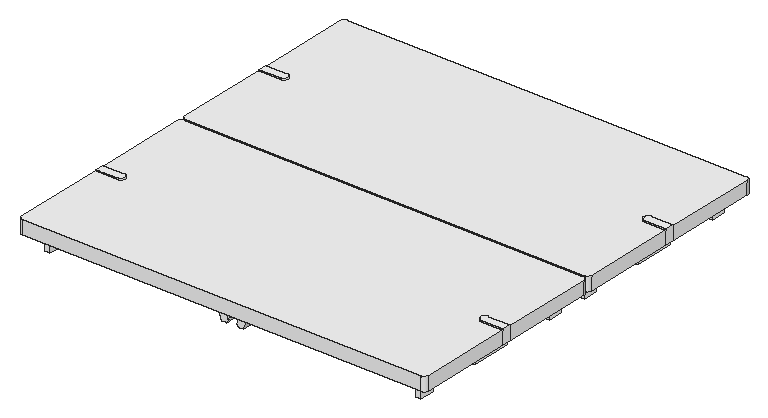
Revit family "Gira_5032219", category Electrical Fixtures, host Face, Revit 2017
Family settings
  Host = Face
  Maintain Annotation Orientation = No
  Round Connector Dimension = Use Diameter
  Part Type = Normal
  Cut with Voids When Loaded = No
  Shared = No
  Room Calculation Point = No
Parameters (values of type "rocker set 2-g inscr. PB sens.4 TS4 stainl.steel")
  URL = "https://www.gira.de/"
  Type Comments = ""
  Transparent = no
  Radio frequent bidirectional = no
  Model = ""
  Material quality = "Stainless steel"
  Material = "Metal"
  Manufacturer = "Gira"
  Keynote = ""
  HeinzeBIM = "https://www.heinze.de/bim/rocker-set-2-g-inscr-pb-sens-4-ts4-stainl-steel/1a05b85d3f3910ac22999a805da374a53793c4d7"
  HAN = "5032219"
  GTIN = "4010337072591"
  Description = ""
  Default Elevation = 1219.2 mm
  Cost = 0
  Colour = "Stainless steel"
  BIMSITE_PRODUCT_ID = "1a05b85d3f3910ac22999a805da374a53793c4d7"
  BIM = "https://media.live.bim.site/t/eyJhbGciOiJIUzI1NiIsInR5cCI6IkpXVCJ9.eyJjdCI6MSwidGYiOiJwdWJsaWMvZ2lyYS8wOWY1ZGI1LzQwXzUwMjEwMCBUUzQgV2lwcGVuc2V0IDJmYWNoLnJmYSIsImNpZCI6ImZlZDk4ZTlhLTFiZDgtNGM2OC1hNzNiLTc0YTk0ZTMxNTgyMyIsInJpZCI6ImMwMGY0M2ZjN2Q3OThiNmQ2NWJlMjZiMTVhMDQyZGYzIiwicGlkIjoiMWEwNWI4NWQzZjM5MTBhYzIyOTk5YTgwNWRhMzc0YTUzNzkzYzRkNyIsInNpZCI6IjYzNDcwIiwidXQiOjUsImxjIjoiZW4iLCJpYXQiOjE2MDc0NDA2NDUsImlzcyI6Imh0dHBzOi8vYXBpLmxpdmUuYmltLnNpdGUiLCJzdWIiOiI4ZDNhYTVjYi1lMDY2LTQ1OTgtYmUxNi02ZTE2ZWU3NDk1NmEifQ.P5AgGZNaGhN2R-Jer3x1XRC69jz-6zd7clTDxYNgroo/40_502100 TS4 Wippenset 2fach.rfa"
  Assembly Code = ""
Reference planes
  plane 1 "Center (Front/Back)": y = 0
  plane 2: z = 0
  plane 3 "Center (Left/Right)": x = 0
Dimensions and locks
  aligned and locked: plane 2 to host face
  aligned and locked: level to host face
Nested families
  nested 1: "40_502100 TS4 Wippenset 2fach" at (0, 0, 0), type "40_502100 TS4 Wippenset 2fach"
Definition of nested family "40_502100 TS4 Wippenset 2fach"
  Parameters
    White = none
  Reference planes
    plane 1 "Center (Front/Back)": y = 0
    plane 2: z = 0
    plane 3 "Center (Left/Right)": x = 0
  Forms (mm)
    Extrusion 1, solid, material <- "White", detail levels fine
      sketch origin (0, 0, 0) x (1, 0, 0) y (0, 1, 0)
        loop
          arc (-46.5, 47.5) -> (-47.207, 47.207) -> (-47.5, 46.5) r 1
          line (-47.5, 46.5) -> (-47.5, 24.8) -> (-42.5, 24.8)
          arc (-42.5, 24.8) -> (-41.5, 23.8) -> (-42.5, 22.8) r 1
          line (-42.5, 22.8) -> (-47.5, 22.8) -> (-47.5, 1.15)
          arc (-47.5, 1.15) -> (-47.207, 0.443) -> (-46.5, 0.15) r 1
          line (-46.5, 0.15) -> (46.5, 0.15)
          arc (46.5, 0.15) -> (47.207, 0.443) -> (47.5, 1.15) r 1
          line (47.5, 1.15) -> (47.5, 22.8) -> (42.5, 22.8)
          arc (42.5, 22.8) -> (41.5, 23.8) -> (42.5, 24.8) r 1
          line (42.5, 24.8) -> (47.5, 24.8) -> (47.5, 46.5)
          arc (47.5, 46.5) -> (47.207, 47.207) -> (46.5, 47.5) r 1
          line (46.5, 47.5) -> (-46.5, 47.5)
        loop
          arc (46.5, -47.5) -> (47.207, -47.207) -> (47.5, -46.5) r 1
          line (47.5, -46.5) -> (47.5, -24.8) -> (42.5, -24.8)
          arc (42.5, -24.8) -> (41.5, -23.8) -> (42.5, -22.8) r 1
          line (42.5, -22.8) -> (47.5, -22.8) -> (47.5, -1.15)
          arc (47.5, -1.15) -> (47.207, -0.443) -> (46.5, -0.15) r 1
          line (46.5, -0.15) -> (-46.5, -0.15)
          arc (-46.5, -0.15) -> (-47.207, -0.443) -> (-47.5, -1.15) r 1
          line (-47.5, -1.15) -> (-47.5, -22.8) -> (-42.5, -22.8)
          arc (-42.5, -22.8) -> (-41.5, -23.8) -> (-42.5, -24.8) r 1
          line (-42.5, -24.8) -> (-47.5, -24.8) -> (-47.5, -46.5)
          arc (-47.5, -46.5) -> (-47.207, -47.207) -> (-46.5, -47.5) r 1
          line (-46.5, -47.5) -> (46.5, -47.5)
      from 0 to 3.1
    Extrusion 2, solid, material <- "White", detail levels fine
      sketch origin (0, 0, 0) x (1, 0, 0) y (0, 1, 0)
        loop
          line (43.976, 44.188) -> (-43.976, 44.188) -> (-43.976, 0.15) -> (43.976, 0.15) -> (43.976, 44.188)
        loop
          line (43.976, -44.188) -> (43.976, -0.15) -> (-43.976, -0.15) -> (-43.976, -44.188) -> (43.976, -44.188)
      from 0 to -1.5
    Extrusion 3, solid, detail levels fine
      sketch origin (0, 0, 0) x (1, 0, 0) y (0, 0, 1)
        loop
          arc (-1.639, -4) -> (-1.115, -3.694) -> (-1.122, -3.087) r 0.603
          arc (-1.122, -3.087) -> (-0.011, -1.666) -> (1.122, -3.087) r 1.145
          arc (1.122, -3.087) -> (1.115, -3.694) -> (1.639, -4) r 0.603
          line (1.639, -4) -> (2.5, -4) -> (3.5, -1.5) -> (-3.5, -1.5) -> (-2.5, -4) -> (-1.639, -4)
      from 41.985 to 44.199
    Extrusion 4, solid, detail levels fine
      sketch origin (0, 0, 0) x (1, 0, 0) y (0, 0, -1)
        loop
          line (-1.639, 4) -> (-2.5, 4) -> (-3.5, 1.5) -> (3.5, 1.5) -> (2.5, 4) -> (1.639, 4)
          arc (1.639, 4) -> (1.115, 3.694) -> (1.122, 3.087) r 0.603
          arc (1.122, 3.087) -> (-0.011, 1.666) -> (-1.122, 3.087) r 1.145
          arc (-1.122, 3.087) -> (-1.115, 3.694) -> (-1.639, 4) r 0.603
      from 41.985 to 44.199
    Extrusion 5, solid, material <- "White", detail levels medium
      sketch origin (0, 0, 0) x (1, 0, 0) y (0, 1, 0)
        loop
          line (43.976, 44.188) -> (-43.976, 44.188) -> (-43.976, 0.15) -> (43.976, 0.15) -> (43.976, 44.188)
        loop
          line (43.976, -44.188) -> (43.976, -0.15) -> (-43.976, -0.15) -> (-43.976, -44.188) -> (43.976, -44.188)
      from 0 to -4
    Extrusion 6, solid, material <- "White", detail levels medium
      sketch origin (0, 0, 0) x (1, 0, 0) y (0, 1, 0)
        loop
          line (-47.5, 47.5) -> (-47.5, 0.15) -> (47.5, 0.15) -> (47.5, 47.5) -> (-47.5, 47.5)
        loop
          line (47.5, -47.5) -> (47.5, -0.15) -> (-47.5, -0.15) -> (-47.5, -47.5) -> (47.5, -47.5)
      from 0 to 3.3
    Extrusion 7, solid, material <- "White", detail levels fine
      sketch origin (0, 0, 0) x (1, 0, 0) y (0, 1, 0)
        loop
          line (-43.976, 44.188) -> (-43.976, 40.908) -> (-42.655, 40.908) -> (-42.655, 44.188) -> (-43.976, 44.188)
        loop
          line (43.976, 44.188) -> (42.655, 44.188) -> (42.655, 40.908) -> (43.976, 40.908) -> (43.976, 44.188)
        loop
          line (-43.976, -44.188) -> (-42.655, -44.188) -> (-42.655, -40.908) -> (-43.976, -40.908) -> (-43.976, -44.188)
        loop
          line (43.976, -44.188) -> (43.976, -40.908) -> (42.655, -40.908) -> (42.655, -44.188) -> (43.976, -44.188)
      from 0 to -4
    Extrusion 8, solid, detail levels fine
      sketch origin (0, 0, 0) x (1, 0, 0) y (0, 1, 0)
        loop
          line (-47.5, 24.8) -> (-47.5, 22.8) -> (-42.5, 22.8)
          arc (-42.5, 22.8) -> (-41.5, 23.8) -> (-42.5, 24.8) r 1
          line (-42.5, 24.8) -> (-47.5, 24.8)
        loop
          line (47.5, 24.8) -> (42.5, 24.8)
          arc (42.5, 24.8) -> (41.5, 23.8) -> (42.5, 22.8) r 1
          line (42.5, 22.8) -> (47.5, 22.8) -> (47.5, 24.8)
        loop
          line (-47.5, -24.8) -> (-42.5, -24.8)
          arc (-42.5, -24.8) -> (-41.5, -23.8) -> (-42.5, -22.8) r 1
          line (-42.5, -22.8) -> (-47.5, -22.8) -> (-47.5, -24.8)
        loop
          line (47.5, -24.8) -> (47.5, -22.8) -> (42.5, -22.8)
          arc (42.5, -22.8) -> (41.5, -23.8) -> (42.5, -24.8) r 1
          line (42.5, -24.8) -> (47.5, -24.8)
      from 0 to 3.3
    Extrusion 9, solid, detail levels coarse
      sketch origin (0, 0, 0) x (1, 0, 0) y (0, 1, 0)
        loop
          line (-47.5, 47.5) -> (-47.5, -47.5) -> (47.5, -47.5) -> (47.5, 47.5) -> (-47.5, 47.5)
      from -4 to 3.3
    Extrusion 10, solid, material <- "White", detail levels fine
      sketch origin (0, 23.8, 0) x (1, 0, 0) y (0, 1, 0)
        loop
          line (-41.852, 6.181) -> (-43.976, 4.461) -> (-43.976, -4.461) -> (-41.852, -6.181)
          arc (-41.852, -6.181) -> (-38.884, -6.014) -> (-38.763, -3.043) r 2.212
          line (-38.763, -3.043) -> (-38.763, 3.043)
          arc (-38.763, 3.043) -> (-38.884, 6.014) -> (-41.852, 6.181) r 2.212
        loop
          arc (-39.415, 3.847) -> (-39.669, 5.38) -> (-41.223, 5.404) r 1.212
          line (-41.223, 5.404) -> (-42.938, 4.015) -> (-40.57, 1.883) -> (-39.415, 3.847)
        loop
          line (-39.415, -3.847) -> (-40.57, -1.883) -> (-42.938, -4.015) -> (-41.223, -5.404)
          arc (-41.223, -5.404) -> (-39.669, -5.38) -> (-39.415, -3.847) r 1.212
        loop
          arc (41.852, 6.181) -> (38.884, 6.014) -> (38.763, 3.043) r 2.212
          line (38.763, 3.043) -> (38.763, -3.043)
          arc (38.763, -3.043) -> (38.884, -6.014) -> (41.852, -6.181) r 2.212
          line (41.852, -6.181) -> (43.976, -4.461) -> (43.976, 4.461) -> (41.852, 6.181)
        loop
          line (39.415, 3.847) -> (40.57, 1.883) -> (42.938, 4.015) -> (41.223, 5.404)
          arc (41.223, 5.404) -> (39.669, 5.38) -> (39.415, 3.847) r 1.212
        loop
          arc (39.415, -3.847) -> (39.669, -5.38) -> (41.223, -5.404) r 1.212
          line (41.223, -5.404) -> (42.938, -4.015) -> (40.57, -1.883) -> (39.415, -3.847)
      from 0 to -3.6
    Extrusion 11, solid, detail levels fine
      sketch origin (0, -22.503, 0) x (1, 0, 0) y (0, 0, -1)
        loop
          line (-1.639, 4) -> (-2.5, 4) -> (-3.5, 1.5) -> (3.5, 1.5) -> (2.5, 4) -> (1.639, 4)
          arc (1.639, 4) -> (1.115, 3.694) -> (1.122, 3.087) r 0.603
          arc (1.122, 3.087) -> (-0.011, 1.666) -> (-1.122, 3.087) r 1.145
          arc (-1.122, 3.087) -> (-1.115, 3.694) -> (-1.639, 4) r 0.603
      from 28.117 to 25.903
    Extrusion 12, solid, material <- "White", detail levels fine
      sketch origin (0, -25, 0) x (1, 0, 0) y (0, 1, 0)
        loop
          line (-43.976, 21.601) -> (-43.976, 18.309) -> (-42.655, 18.309) -> (-42.655, 21.601) -> (-43.976, 21.601)
        loop
          line (43.976, 21.601) -> (42.655, 21.601) -> (42.655, 18.309) -> (43.976, 18.309) -> (43.976, 21.601)
        loop
          line (-43.976, -19.188) -> (-42.655, -19.188) -> (-42.655, -15.908) -> (-43.976, -15.908) -> (-43.976, -19.188)
        loop
          line (43.976, -19.188) -> (43.976, -15.908) -> (42.655, -15.908) -> (42.655, -19.188) -> (43.976, -19.188)
      from 0 to -4
    Extrusion 13, solid, material <- "White", detail levels fine
      sketch origin (0, -23.8, 0) x (1, 0, 0) y (0, 1, 0)
        loop
          arc (-41.852, -6.181) -> (-38.884, -6.014) -> (-38.763, -3.043) r 2.212
          line (-38.763, -3.043) -> (-38.763, 3.043)
          arc (-38.763, 3.043) -> (-38.884, 6.014) -> (-41.852, 6.181) r 2.212
          line (-41.852, 6.181) -> (-43.976, 4.461) -> (-43.976, -4.461) -> (-41.852, -6.181)
        loop
          line (-39.415, -3.847) -> (-40.57, -1.883) -> (-42.938, -4.015) -> (-41.223, -5.404)
          arc (-41.223, -5.404) -> (-39.669, -5.38) -> (-39.415, -3.847) r 1.212
        loop
          arc (-39.415, 3.847) -> (-39.669, 5.38) -> (-41.223, 5.404) r 1.212
          line (-41.223, 5.404) -> (-42.938, 4.015) -> (-40.57, 1.883) -> (-39.415, 3.847)
        loop
          line (41.852, -6.181) -> (43.976, -4.461) -> (43.976, 4.461) -> (41.852, 6.181)
          arc (41.852, 6.181) -> (38.884, 6.014) -> (38.763, 3.043) r 2.212
          line (38.763, 3.043) -> (38.763, -3.043)
          arc (38.763, -3.043) -> (38.884, -6.014) -> (41.852, -6.181) r 2.212
        loop
          arc (39.415, -3.847) -> (39.669, -5.38) -> (41.223, -5.404) r 1.212
          line (41.223, -5.404) -> (42.938, -4.015) -> (40.57, -1.883) -> (39.415, -3.847)
        loop
          line (39.415, 3.847) -> (40.57, 1.883) -> (42.938, 4.015) -> (41.223, 5.404)
          arc (41.223, 5.404) -> (39.669, 5.38) -> (39.415, 3.847) r 1.212
      from 0 to -3.6
    Extrusion 14, solid, detail levels fine
      sketch origin (0, 22.503, 0) x (1, 0, 0) y (0, 0, 1)
        loop
          arc (-1.639, -4) -> (-1.115, -3.694) -> (-1.122, -3.087) r 0.603
          arc (-1.122, -3.087) -> (-0.011, -1.666) -> (1.122, -3.087) r 1.145
          arc (1.122, -3.087) -> (1.115, -3.694) -> (1.639, -4) r 0.603
          line (1.639, -4) -> (2.5, -4) -> (3.5, -1.5) -> (-3.5, -1.5) -> (-2.5, -4) -> (-1.639, -4)
      from 28.117 to 25.903
    Extrusion 15, solid, material <- "White", detail levels fine
      sketch origin (0, 25, 0) x (1, 0, 0) y (0, 1, 0)
        loop
          line (-43.976, -21.601) -> (-42.655, -21.601) -> (-42.655, -18.309) -> (-43.976, -18.309) -> (-43.976, -21.601)
        loop
          line (43.976, -21.601) -> (43.976, -18.309) -> (42.655, -18.309) -> (42.655, -21.601) -> (43.976, -21.601)
        loop
          line (-43.976, 19.188) -> (-43.976, 15.908) -> (-42.655, 15.908) -> (-42.655, 19.188) -> (-43.976, 19.188)
        loop
          line (43.976, 19.188) -> (42.655, 19.188) -> (42.655, 15.908) -> (43.976, 15.908) -> (43.976, 19.188)
      from 0 to -4
  Cuts and joins
    joined: Extrusion 2, Extrusion 7, Extrusion 10
  Dimensions and locks
    aligned and locked: level to plane 2
